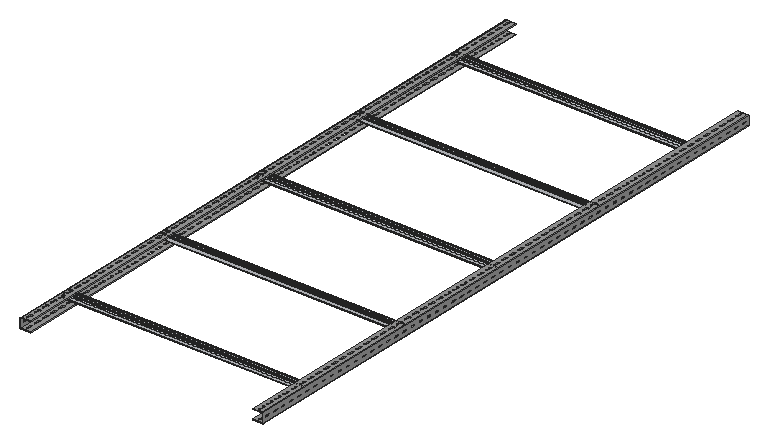
Revit family "steigeleiter_1200_FT", category Generic Models, Revit 2017 (continued)
Forms (mm)
  Extrusion 150, void
    sketch origin (0, 1400, 0) x (1, 0, 0) y (0, 1, 0)
      loop
        arc (-580.5, 15.5) -> (-575, 10) -> (-569.5, 15.5) r 5.5
        line (-569.5, 15.5) -> (-569.5, 34.5)
        arc (-569.5, 34.5) -> (-575, 40) -> (-580.5, 34.5) r 5.5
        line (-580.5, 34.5) -> (-580.5, 15.5)
    from 0 to 2.5
  Extrusion 151, void
    sketch origin (0, 1450, 0) x (1, 0, 0) y (0, 1, 0)
      loop
        arc (-580.5, 15.5) -> (-575, 10) -> (-569.5, 15.5) r 5.5
        line (-569.5, 15.5) -> (-569.5, 34.5)
        arc (-569.5, 34.5) -> (-575, 40) -> (-580.5, 34.5) r 5.5
        line (-580.5, 34.5) -> (-580.5, 15.5)
    from 0 to 2.5
  Extrusion 152, void
    sketch origin (0, 1500, 0) x (1, 0, 0) y (0, 1, 0)
      loop
        arc (-580.5, 15.5) -> (-575, 10) -> (-569.5, 15.5) r 5.5
        line (-569.5, 15.5) -> (-569.5, 34.5)
        arc (-569.5, 34.5) -> (-575, 40) -> (-580.5, 34.5) r 5.5
        line (-580.5, 34.5) -> (-580.5, 15.5)
    from 0 to 2.5
  Extrusion 153, void
    sketch origin (0, 1550, 0) x (1, 0, 0) y (0, 1, 0)
      loop
        arc (-580.5, 15.5) -> (-575, 10) -> (-569.5, 15.5) r 5.5
        line (-569.5, 15.5) -> (-569.5, 34.5)
        arc (-569.5, 34.5) -> (-575, 40) -> (-580.5, 34.5) r 5.5
        line (-580.5, 34.5) -> (-580.5, 15.5)
    from 0 to 2.5
  Extrusion 154, void
    sketch origin (0, 1600, 0) x (1, 0, 0) y (0, 1, 0)
      loop
        arc (-580.5, 15.5) -> (-575, 10) -> (-569.5, 15.5) r 5.5
        line (-569.5, 15.5) -> (-569.5, 34.5)
        arc (-569.5, 34.5) -> (-575, 40) -> (-580.5, 34.5) r 5.5
        line (-580.5, 34.5) -> (-580.5, 15.5)
    from 0 to 2.5
  Extrusion 155, void
    sketch origin (0, 1650, 0) x (1, 0, 0) y (0, 1, 0)
      loop
        arc (-580.5, 15.5) -> (-575, 10) -> (-569.5, 15.5) r 5.5
        line (-569.5, 15.5) -> (-569.5, 34.5)
        arc (-569.5, 34.5) -> (-575, 40) -> (-580.5, 34.5) r 5.5
        line (-580.5, 34.5) -> (-580.5, 15.5)
    from 0 to 2.5
  Extrusion 156, void
    sketch origin (0, 1700, 0) x (1, 0, 0) y (0, 1, 0)
      loop
        arc (-580.5, 15.5) -> (-575, 10) -> (-569.5, 15.5) r 5.5
        line (-569.5, 15.5) -> (-569.5, 34.5)
        arc (-569.5, 34.5) -> (-575, 40) -> (-580.5, 34.5) r 5.5
        line (-580.5, 34.5) -> (-580.5, 15.5)
    from 0 to 2.5
  Extrusion 157, void
    sketch origin (0, 1750, 0) x (1, 0, 0) y (0, 1, 0)
      loop
        arc (-580.5, 15.5) -> (-575, 10) -> (-569.5, 15.5) r 5.5
        line (-569.5, 15.5) -> (-569.5, 34.5)
        arc (-569.5, 34.5) -> (-575, 40) -> (-580.5, 34.5) r 5.5
        line (-580.5, 34.5) -> (-580.5, 15.5)
    from 0 to 2.5
  Extrusion 158, void
    sketch origin (0, 1800, 0) x (1, 0, 0) y (0, 1, 0)
      loop
        arc (-580.5, 15.5) -> (-575, 10) -> (-569.5, 15.5) r 5.5
        line (-569.5, 15.5) -> (-569.5, 34.5)
        arc (-569.5, 34.5) -> (-575, 40) -> (-580.5, 34.5) r 5.5
        line (-580.5, 34.5) -> (-580.5, 15.5)
    from 0 to 2.5
  Extrusion 159, void
    sketch origin (0, 1850, 0) x (1, 0, 0) y (0, 1, 0)
      loop
        arc (-580.5, 15.5) -> (-575, 10) -> (-569.5, 15.5) r 5.5
        line (-569.5, 15.5) -> (-569.5, 34.5)
        arc (-569.5, 34.5) -> (-575, 40) -> (-580.5, 34.5) r 5.5
        line (-580.5, 34.5) -> (-580.5, 15.5)
    from 0 to 2.5
  Extrusion 160, void
    sketch origin (0, 1900, 0) x (1, 0, 0) y (0, 1, 0)
      loop
        arc (-580.5, 15.5) -> (-575, 10) -> (-569.5, 15.5) r 5.5
        line (-569.5, 15.5) -> (-569.5, 34.5)
        arc (-569.5, 34.5) -> (-575, 40) -> (-580.5, 34.5) r 5.5
        line (-580.5, 34.5) -> (-580.5, 15.5)
    from 0 to 2.5
  Extrusion 161, void
    sketch origin (0, 1950, 0) x (1, 0, 0) y (0, 1, 0)
      loop
        arc (-580.5, 15.5) -> (-575, 10) -> (-569.5, 15.5) r 5.5
        line (-569.5, 15.5) -> (-569.5, 34.5)
        arc (-569.5, 34.5) -> (-575, 40) -> (-580.5, 34.5) r 5.5
        line (-580.5, 34.5) -> (-580.5, 15.5)
    from 0 to 2.5
  Extrusion 162, void
    sketch origin (0, 2000, 0) x (1, 0, 0) y (0, 1, 0)
      loop
        arc (-580.5, 15.5) -> (-575, 10) -> (-569.5, 15.5) r 5.5
        line (-569.5, 15.5) -> (-569.5, 34.5)
        arc (-569.5, 34.5) -> (-575, 40) -> (-580.5, 34.5) r 5.5
        line (-580.5, 34.5) -> (-580.5, 15.5)
    from 0 to 2.5
  Extrusion 163, void
    sketch origin (0, 2050, 0) x (1, 0, 0) y (0, 1, 0)
      loop
        arc (-580.5, 15.5) -> (-575, 10) -> (-569.5, 15.5) r 5.5
        line (-569.5, 15.5) -> (-569.5, 34.5)
        arc (-569.5, 34.5) -> (-575, 40) -> (-580.5, 34.5) r 5.5
        line (-580.5, 34.5) -> (-580.5, 15.5)
    from 0 to 2.5
  Extrusion 164, void
    sketch origin (0, 2100, 0) x (1, 0, 0) y (0, 1, 0)
      loop
        arc (-580.5, 15.5) -> (-575, 10) -> (-569.5, 15.5) r 5.5
        line (-569.5, 15.5) -> (-569.5, 34.5)
        arc (-569.5, 34.5) -> (-575, 40) -> (-580.5, 34.5) r 5.5
        line (-580.5, 34.5) -> (-580.5, 15.5)
    from 0 to 2.5
  Extrusion 165, void
    sketch origin (0, 2150, 0) x (1, 0, 0) y (0, 1, 0)
      loop
        arc (-580.5, 15.5) -> (-575, 10) -> (-569.5, 15.5) r 5.5
        line (-569.5, 15.5) -> (-569.5, 34.5)
        arc (-569.5, 34.5) -> (-575, 40) -> (-580.5, 34.5) r 5.5
        line (-580.5, 34.5) -> (-580.5, 15.5)
    from 0 to 2.5
  Extrusion 166, void
    sketch origin (0, 2200, 0) x (1, 0, 0) y (0, 1, 0)
      loop
        arc (-580.5, 15.5) -> (-575, 10) -> (-569.5, 15.5) r 5.5
        line (-569.5, 15.5) -> (-569.5, 34.5)
        arc (-569.5, 34.5) -> (-575, 40) -> (-580.5, 34.5) r 5.5
        line (-580.5, 34.5) -> (-580.5, 15.5)
    from 0 to 2.5
  Extrusion 167, void
    sketch origin (0, 2250, 0) x (1, 0, 0) y (0, 1, 0)
      loop
        arc (-580.5, 15.5) -> (-575, 10) -> (-569.5, 15.5) r 5.5
        line (-569.5, 15.5) -> (-569.5, 34.5)
        arc (-569.5, 34.5) -> (-575, 40) -> (-580.5, 34.5) r 5.5
        line (-580.5, 34.5) -> (-580.5, 15.5)
    from 0 to 2.5
  Extrusion 168, void
    sketch origin (0, 2300, 0) x (1, 0, 0) y (0, 1, 0)
      loop
        arc (-580.5, 15.5) -> (-575, 10) -> (-569.5, 15.5) r 5.5
        line (-569.5, 15.5) -> (-569.5, 34.5)
        arc (-569.5, 34.5) -> (-575, 40) -> (-580.5, 34.5) r 5.5
        line (-580.5, 34.5) -> (-580.5, 15.5)
    from 0 to 2.5
  Extrusion 169, void
    sketch origin (0, 2350, 0) x (1, 0, 0) y (0, 1, 0)
      loop
        arc (-580.5, 15.5) -> (-575, 10) -> (-569.5, 15.5) r 5.5
        line (-569.5, 15.5) -> (-569.5, 34.5)
        arc (-569.5, 34.5) -> (-575, 40) -> (-580.5, 34.5) r 5.5
        line (-580.5, 34.5) -> (-580.5, 15.5)
    from 0 to 2.5
  Extrusion 170, void
    sketch origin (0, 2400, 0) x (1, 0, 0) y (0, 1, 0)
      loop
        arc (-580.5, 15.5) -> (-575, 10) -> (-569.5, 15.5) r 5.5
        line (-569.5, 15.5) -> (-569.5, 34.5)
        arc (-569.5, 34.5) -> (-575, 40) -> (-580.5, 34.5) r 5.5
        line (-580.5, 34.5) -> (-580.5, 15.5)
    from 0 to 2.5
  Extrusion 171, void
    sketch origin (0, 2450, 0) x (1, 0, 0) y (0, 1, 0)
      loop
        arc (-580.5, 15.5) -> (-575, 10) -> (-569.5, 15.5) r 5.5
        line (-569.5, 15.5) -> (-569.5, 34.5)
        arc (-569.5, 34.5) -> (-575, 40) -> (-580.5, 34.5) r 5.5
        line (-580.5, 34.5) -> (-580.5, 15.5)
    from 0 to 2.5
  Extrusion 172, void
    sketch origin (0, 2500, 0) x (1, 0, 0) y (0, 1, 0)
      loop
        arc (-580.5, 15.5) -> (-575, 10) -> (-569.5, 15.5) r 5.5
        line (-569.5, 15.5) -> (-569.5, 34.5)
        arc (-569.5, 34.5) -> (-575, 40) -> (-580.5, 34.5) r 5.5
        line (-580.5, 34.5) -> (-580.5, 15.5)
    from 0 to 2.5
  Extrusion 173, void
    sketch origin (0, 2550, 0) x (1, 0, 0) y (0, 1, 0)
      loop
        arc (-580.5, 15.5) -> (-575, 10) -> (-569.5, 15.5) r 5.5
        line (-569.5, 15.5) -> (-569.5, 34.5)
        arc (-569.5, 34.5) -> (-575, 40) -> (-580.5, 34.5) r 5.5
        line (-580.5, 34.5) -> (-580.5, 15.5)
    from 0 to 2.5
  Extrusion 174, void
    sketch origin (0, 2600, 0) x (1, 0, 0) y (0, 1, 0)
      loop
        arc (-580.5, 15.5) -> (-575, 10) -> (-569.5, 15.5) r 5.5
        line (-569.5, 15.5) -> (-569.5, 34.5)
        arc (-569.5, 34.5) -> (-575, 40) -> (-580.5, 34.5) r 5.5
        line (-580.5, 34.5) -> (-580.5, 15.5)
    from 0 to 2.5
  Extrusion 175, void
    sketch origin (0, 2650, 0) x (1, 0, 0) y (0, 1, 0)
      loop
        arc (-580.5, 15.5) -> (-575, 10) -> (-569.5, 15.5) r 5.5
        line (-569.5, 15.5) -> (-569.5, 34.5)
        arc (-569.5, 34.5) -> (-575, 40) -> (-580.5, 34.5) r 5.5
        line (-580.5, 34.5) -> (-580.5, 15.5)
    from 0 to 2.5
  Extrusion 176, void
    sketch origin (0, 2700, 0) x (1, 0, 0) y (0, 1, 0)
      loop
        arc (-580.5, 15.5) -> (-575, 10) -> (-569.5, 15.5) r 5.5
        line (-569.5, 15.5) -> (-569.5, 34.5)
        arc (-569.5, 34.5) -> (-575, 40) -> (-580.5, 34.5) r 5.5
        line (-580.5, 34.5) -> (-580.5, 15.5)
    from 0 to 2.5
  Extrusion 177, void
    sketch origin (0, 2750, 0) x (1, 0, 0) y (0, 1, 0)
      loop
        arc (-580.5, 15.5) -> (-575, 10) -> (-569.5, 15.5) r 5.5
        line (-569.5, 15.5) -> (-569.5, 34.5)
        arc (-569.5, 34.5) -> (-575, 40) -> (-580.5, 34.5) r 5.5
        line (-580.5, 34.5) -> (-580.5, 15.5)
    from 0 to 2.5
  Extrusion 178, void
    sketch origin (0, 2800, 0) x (1, 0, 0) y (0, 1, 0)
      loop
        arc (-580.5, 15.5) -> (-575, 10) -> (-569.5, 15.5) r 5.5
        line (-569.5, 15.5) -> (-569.5, 34.5)
        arc (-569.5, 34.5) -> (-575, 40) -> (-580.5, 34.5) r 5.5
        line (-580.5, 34.5) -> (-580.5, 15.5)
    from 0 to 2.5
  Extrusion 179, void
    sketch origin (0, 2850, 0) x (1, 0, 0) y (0, 1, 0)
      loop
        arc (-580.5, 15.5) -> (-575, 10) -> (-569.5, 15.5) r 5.5
        line (-569.5, 15.5) -> (-569.5, 34.5)
        arc (-569.5, 34.5) -> (-575, 40) -> (-580.5, 34.5) r 5.5
        line (-580.5, 34.5) -> (-580.5, 15.5)
    from 0 to 2.5
  Extrusion 180, void
    sketch origin (0, 2900, 0) x (1, 0, 0) y (0, 1, 0)
      loop
        arc (-580.5, 15.5) -> (-575, 10) -> (-569.5, 15.5) r 5.5
        line (-569.5, 15.5) -> (-569.5, 34.5)
        arc (-569.5, 34.5) -> (-575, 40) -> (-580.5, 34.5) r 5.5
        line (-580.5, 34.5) -> (-580.5, 15.5)
    from 0 to 2.5
  Extrusion 181, void
    sketch origin (0, 2950, 0) x (1, 0, 0) y (0, 1, 0)
      loop
        arc (-580.5, 15.5) -> (-575, 10) -> (-569.5, 15.5) r 5.5
        line (-569.5, 15.5) -> (-569.5, 34.5)
        arc (-569.5, 34.5) -> (-575, 40) -> (-580.5, 34.5) r 5.5
        line (-580.5, 34.5) -> (-580.5, 15.5)
    from 0 to 2.5
  Extrusion 182, void
    sketch origin (0, 0, 0) x (1, 0, 0) y (0, 1, 0)
      loop
        arc (569.5, 15.5) -> (575, 10) -> (580.5, 15.5) r 5.5
        line (580.5, 15.5) -> (580.5, 34.5)
        arc (580.5, 34.5) -> (575, 40) -> (569.5, 34.5) r 5.5
        line (569.5, 34.5) -> (569.5, 15.5)
    from 0 to 2.5
  Extrusion 183, void
    sketch origin (0, 50, 0) x (1, 0, 0) y (0, 1, 0)
      loop
        arc (569.5, 15.5) -> (575, 10) -> (580.5, 15.5) r 5.5
        line (580.5, 15.5) -> (580.5, 34.5)
        arc (580.5, 34.5) -> (575, 40) -> (569.5, 34.5) r 5.5
        line (569.5, 34.5) -> (569.5, 15.5)
    from 0 to 2.5
  Extrusion 184, void
    sketch origin (0, 100, 0) x (1, 0, 0) y (0, 1, 0)
      loop
        arc (569.5, 15.5) -> (575, 10) -> (580.5, 15.5) r 5.5
        line (580.5, 15.5) -> (580.5, 34.5)
        arc (580.5, 34.5) -> (575, 40) -> (569.5, 34.5) r 5.5
        line (569.5, 34.5) -> (569.5, 15.5)
    from 0 to 2.5
  Extrusion 185, void
    sketch origin (0, 150, 0) x (1, 0, 0) y (0, 1, 0)
      loop
        arc (569.5, 15.5) -> (575, 10) -> (580.5, 15.5) r 5.5
        line (580.5, 15.5) -> (580.5, 34.5)
        arc (580.5, 34.5) -> (575, 40) -> (569.5, 34.5) r 5.5
        line (569.5, 34.5) -> (569.5, 15.5)
    from 0 to 2.5
  Extrusion 186, void
    sketch origin (0, 200, 0) x (1, 0, 0) y (0, 1, 0)
      loop
        arc (569.5, 15.5) -> (575, 10) -> (580.5, 15.5) r 5.5
        line (580.5, 15.5) -> (580.5, 34.5)
        arc (580.5, 34.5) -> (575, 40) -> (569.5, 34.5) r 5.5
        line (569.5, 34.5) -> (569.5, 15.5)
    from 0 to 2.5
  Extrusion 187, void
    sketch origin (0, 250, 0) x (1, 0, 0) y (0, 1, 0)
      loop
        arc (569.5, 15.5) -> (575, 10) -> (580.5, 15.5) r 5.5
        line (580.5, 15.5) -> (580.5, 34.5)
        arc (580.5, 34.5) -> (575, 40) -> (569.5, 34.5) r 5.5
        line (569.5, 34.5) -> (569.5, 15.5)
    from 0 to 2.5
  Extrusion 188, void
    sketch origin (0, 300, 0) x (1, 0, 0) y (0, 1, 0)
      loop
        arc (569.5, 15.5) -> (575, 10) -> (580.5, 15.5) r 5.5
        line (580.5, 15.5) -> (580.5, 34.5)
        arc (580.5, 34.5) -> (575, 40) -> (569.5, 34.5) r 5.5
        line (569.5, 34.5) -> (569.5, 15.5)
    from 0 to 2.5
  Extrusion 189, void
    sketch origin (0, 350, 0) x (1, 0, 0) y (0, 1, 0)
      loop
        arc (569.5, 15.5) -> (575, 10) -> (580.5, 15.5) r 5.5
        line (580.5, 15.5) -> (580.5, 34.5)
        arc (580.5, 34.5) -> (575, 40) -> (569.5, 34.5) r 5.5
        line (569.5, 34.5) -> (569.5, 15.5)
    from 0 to 2.5
  Extrusion 190, void
    sketch origin (0, 400, 0) x (1, 0, 0) y (0, 1, 0)
      loop
        arc (569.5, 15.5) -> (575, 10) -> (580.5, 15.5) r 5.5
        line (580.5, 15.5) -> (580.5, 34.5)
        arc (580.5, 34.5) -> (575, 40) -> (569.5, 34.5) r 5.5
        line (569.5, 34.5) -> (569.5, 15.5)
    from 0 to 2.5
  Extrusion 191, void
    sketch origin (0, 450, 0) x (1, 0, 0) y (0, 1, 0)
      loop
        arc (569.5, 15.5) -> (575, 10) -> (580.5, 15.5) r 5.5
        line (580.5, 15.5) -> (580.5, 34.5)
        arc (580.5, 34.5) -> (575, 40) -> (569.5, 34.5) r 5.5
        line (569.5, 34.5) -> (569.5, 15.5)
    from 0 to 2.5
  Extrusion 192, void
    sketch origin (0, 500, 0) x (1, 0, 0) y (0, 1, 0)
      loop
        arc (569.5, 15.5) -> (575, 10) -> (580.5, 15.5) r 5.5
        line (580.5, 15.5) -> (580.5, 34.5)
        arc (580.5, 34.5) -> (575, 40) -> (569.5, 34.5) r 5.5
        line (569.5, 34.5) -> (569.5, 15.5)
    from 0 to 2.5
  Extrusion 193, void
    sketch origin (0, 550, 0) x (1, 0, 0) y (0, 1, 0)
      loop
        arc (569.5, 15.5) -> (575, 10) -> (580.5, 15.5) r 5.5
        line (580.5, 15.5) -> (580.5, 34.5)
        arc (580.5, 34.5) -> (575, 40) -> (569.5, 34.5) r 5.5
        line (569.5, 34.5) -> (569.5, 15.5)
    from 0 to 2.5
  Extrusion 194, void
    sketch origin (0, 600, 0) x (1, 0, 0) y (0, 1, 0)
      loop
        arc (569.5, 15.5) -> (575, 10) -> (580.5, 15.5) r 5.5
        line (580.5, 15.5) -> (580.5, 34.5)
        arc (580.5, 34.5) -> (575, 40) -> (569.5, 34.5) r 5.5
        line (569.5, 34.5) -> (569.5, 15.5)
    from 0 to 2.5
  Extrusion 195, void
    sketch origin (0, 650, 0) x (1, 0, 0) y (0, 1, 0)
      loop
        arc (569.5, 15.5) -> (575, 10) -> (580.5, 15.5) r 5.5
        line (580.5, 15.5) -> (580.5, 34.5)
        arc (580.5, 34.5) -> (575, 40) -> (569.5, 34.5) r 5.5
        line (569.5, 34.5) -> (569.5, 15.5)
    from 0 to 2.5
  Extrusion 196, void
    sketch origin (0, 700, 0) x (1, 0, 0) y (0, 1, 0)
      loop
        arc (569.5, 15.5) -> (575, 10) -> (580.5, 15.5) r 5.5
        line (580.5, 15.5) -> (580.5, 34.5)
        arc (580.5, 34.5) -> (575, 40) -> (569.5, 34.5) r 5.5
        line (569.5, 34.5) -> (569.5, 15.5)
    from 0 to 2.5
  Extrusion 197, void
    sketch origin (0, 750, 0) x (1, 0, 0) y (0, 1, 0)
      loop
        arc (569.5, 15.5) -> (575, 10) -> (580.5, 15.5) r 5.5
        line (580.5, 15.5) -> (580.5, 34.5)
        arc (580.5, 34.5) -> (575, 40) -> (569.5, 34.5) r 5.5
        line (569.5, 34.5) -> (569.5, 15.5)
    from 0 to 2.5
  Extrusion 198, void
    sketch origin (0, 800, 0) x (1, 0, 0) y (0, 1, 0)
      loop
        arc (569.5, 15.5) -> (575, 10) -> (580.5, 15.5) r 5.5
        line (580.5, 15.5) -> (580.5, 34.5)
        arc (580.5, 34.5) -> (575, 40) -> (569.5, 34.5) r 5.5
        line (569.5, 34.5) -> (569.5, 15.5)
    from 0 to 2.5
  Extrusion 199, void
    sketch origin (0, 850, 0) x (1, 0, 0) y (0, 1, 0)
      loop
        arc (569.5, 15.5) -> (575, 10) -> (580.5, 15.5) r 5.5
        line (580.5, 15.5) -> (580.5, 34.5)
        arc (580.5, 34.5) -> (575, 40) -> (569.5, 34.5) r 5.5
        line (569.5, 34.5) -> (569.5, 15.5)
    from 0 to 2.5
  Extrusion 200, void
    sketch origin (0, 900, 0) x (1, 0, 0) y (0, 1, 0)
      loop
        arc (569.5, 15.5) -> (575, 10) -> (580.5, 15.5) r 5.5
        line (580.5, 15.5) -> (580.5, 34.5)
        arc (580.5, 34.5) -> (575, 40) -> (569.5, 34.5) r 5.5
        line (569.5, 34.5) -> (569.5, 15.5)
    from 0 to 2.5
  Extrusion 201, void
    sketch origin (0, 950, 0) x (1, 0, 0) y (0, 1, 0)
      loop
        arc (569.5, 15.5) -> (575, 10) -> (580.5, 15.5) r 5.5
        line (580.5, 15.5) -> (580.5, 34.5)
        arc (580.5, 34.5) -> (575, 40) -> (569.5, 34.5) r 5.5
        line (569.5, 34.5) -> (569.5, 15.5)
    from 0 to 2.5
  Extrusion 202, void
    sketch origin (0, 1000, 0) x (1, 0, 0) y (0, 1, 0)
      loop
        arc (569.5, 15.5) -> (575, 10) -> (580.5, 15.5) r 5.5
        line (580.5, 15.5) -> (580.5, 34.5)
        arc (580.5, 34.5) -> (575, 40) -> (569.5, 34.5) r 5.5
        line (569.5, 34.5) -> (569.5, 15.5)
    from 0 to 2.5
  Extrusion 203, void
    sketch origin (0, 1050, 0) x (1, 0, 0) y (0, 1, 0)
      loop
        arc (569.5, 15.5) -> (575, 10) -> (580.5, 15.5) r 5.5
        line (580.5, 15.5) -> (580.5, 34.5)
        arc (580.5, 34.5) -> (575, 40) -> (569.5, 34.5) r 5.5
        line (569.5, 34.5) -> (569.5, 15.5)
    from 0 to 2.5
  Extrusion 204, void
    sketch origin (0, 1100, 0) x (1, 0, 0) y (0, 1, 0)
      loop
        arc (569.5, 15.5) -> (575, 10) -> (580.5, 15.5) r 5.5
        line (580.5, 15.5) -> (580.5, 34.5)
        arc (580.5, 34.5) -> (575, 40) -> (569.5, 34.5) r 5.5
        line (569.5, 34.5) -> (569.5, 15.5)
    from 0 to 2.5
  Extrusion 205, void
    sketch origin (0, 1150, 0) x (1, 0, 0) y (0, 1, 0)
      loop
        arc (569.5, 15.5) -> (575, 10) -> (580.5, 15.5) r 5.5
        line (580.5, 15.5) -> (580.5, 34.5)
        arc (580.5, 34.5) -> (575, 40) -> (569.5, 34.5) r 5.5
        line (569.5, 34.5) -> (569.5, 15.5)
    from 0 to 2.5
  Extrusion 206, void
    sketch origin (0, 1200, 0) x (1, 0, 0) y (0, 1, 0)
      loop
        arc (569.5, 15.5) -> (575, 10) -> (580.5, 15.5) r 5.5
        line (580.5, 15.5) -> (580.5, 34.5)
        arc (580.5, 34.5) -> (575, 40) -> (569.5, 34.5) r 5.5
        line (569.5, 34.5) -> (569.5, 15.5)
    from 0 to 2.5
  Extrusion 207, void
    sketch origin (0, 1250, 0) x (1, 0, 0) y (0, 1, 0)
      loop
        arc (569.5, 15.5) -> (575, 10) -> (580.5, 15.5) r 5.5
        line (580.5, 15.5) -> (580.5, 34.5)
        arc (580.5, 34.5) -> (575, 40) -> (569.5, 34.5) r 5.5
        line (569.5, 34.5) -> (569.5, 15.5)
    from 0 to 2.5
  Extrusion 208, void
    sketch origin (0, 1300, 0) x (1, 0, 0) y (0, 1, 0)
      loop
        arc (569.5, 15.5) -> (575, 10) -> (580.5, 15.5) r 5.5
        line (580.5, 15.5) -> (580.5, 34.5)
        arc (580.5, 34.5) -> (575, 40) -> (569.5, 34.5) r 5.5
        line (569.5, 34.5) -> (569.5, 15.5)
    from 0 to 2.5
  Extrusion 209, void
    sketch origin (0, 1350, 0) x (1, 0, 0) y (0, 1, 0)
      loop
        arc (569.5, 15.5) -> (575, 10) -> (580.5, 15.5) r 5.5
        line (580.5, 15.5) -> (580.5, 34.5)
        arc (580.5, 34.5) -> (575, 40) -> (569.5, 34.5) r 5.5
        line (569.5, 34.5) -> (569.5, 15.5)
    from 0 to 2.5
  Extrusion 210, void
    sketch origin (0, 1400, 0) x (1, 0, 0) y (0, 1, 0)
      loop
        arc (569.5, 15.5) -> (575, 10) -> (580.5, 15.5) r 5.5
        line (580.5, 15.5) -> (580.5, 34.5)
        arc (580.5, 34.5) -> (575, 40) -> (569.5, 34.5) r 5.5
        line (569.5, 34.5) -> (569.5, 15.5)
    from 0 to 2.5
  Extrusion 211, void
    sketch origin (0, 1450, 0) x (1, 0, 0) y (0, 1, 0)
      loop
        arc (569.5, 15.5) -> (575, 10) -> (580.5, 15.5) r 5.5
        line (580.5, 15.5) -> (580.5, 34.5)
        arc (580.5, 34.5) -> (575, 40) -> (569.5, 34.5) r 5.5
        line (569.5, 34.5) -> (569.5, 15.5)
    from 0 to 2.5
  Extrusion 212, void
    sketch origin (0, 1500, 0) x (1, 0, 0) y (0, 1, 0)
      loop
        arc (569.5, 15.5) -> (575, 10) -> (580.5, 15.5) r 5.5
        line (580.5, 15.5) -> (580.5, 34.5)
        arc (580.5, 34.5) -> (575, 40) -> (569.5, 34.5) r 5.5
        line (569.5, 34.5) -> (569.5, 15.5)
    from 0 to 2.5
  Extrusion 213, void
    sketch origin (0, 1550, 0) x (1, 0, 0) y (0, 1, 0)
      loop
        arc (569.5, 15.5) -> (575, 10) -> (580.5, 15.5) r 5.5
        line (580.5, 15.5) -> (580.5, 34.5)
        arc (580.5, 34.5) -> (575, 40) -> (569.5, 34.5) r 5.5
        line (569.5, 34.5) -> (569.5, 15.5)
    from 0 to 2.5
  Extrusion 214, void
    sketch origin (0, 1600, 0) x (1, 0, 0) y (0, 1, 0)
      loop
        arc (569.5, 15.5) -> (575, 10) -> (580.5, 15.5) r 5.5
        line (580.5, 15.5) -> (580.5, 34.5)
        arc (580.5, 34.5) -> (575, 40) -> (569.5, 34.5) r 5.5
        line (569.5, 34.5) -> (569.5, 15.5)
    from 0 to 2.5
  Extrusion 215, void
    sketch origin (0, 1650, 0) x (1, 0, 0) y (0, 1, 0)
      loop
        arc (569.5, 15.5) -> (575, 10) -> (580.5, 15.5) r 5.5
        line (580.5, 15.5) -> (580.5, 34.5)
        arc (580.5, 34.5) -> (575, 40) -> (569.5, 34.5) r 5.5
        line (569.5, 34.5) -> (569.5, 15.5)
    from 0 to 2.5
  Extrusion 216, void
    sketch origin (0, 1700, 0) x (1, 0, 0) y (0, 1, 0)
      loop
        arc (569.5, 15.5) -> (575, 10) -> (580.5, 15.5) r 5.5
        line (580.5, 15.5) -> (580.5, 34.5)
        arc (580.5, 34.5) -> (575, 40) -> (569.5, 34.5) r 5.5
        line (569.5, 34.5) -> (569.5, 15.5)
    from 0 to 2.5
  Extrusion 217, void
    sketch origin (0, 1750, 0) x (1, 0, 0) y (0, 1, 0)
      loop
        arc (569.5, 15.5) -> (575, 10) -> (580.5, 15.5) r 5.5
        line (580.5, 15.5) -> (580.5, 34.5)
        arc (580.5, 34.5) -> (575, 40) -> (569.5, 34.5) r 5.5
        line (569.5, 34.5) -> (569.5, 15.5)
    from 0 to 2.5
  Extrusion 218, void
    sketch origin (0, 1800, 0) x (1, 0, 0) y (0, 1, 0)
      loop
        arc (569.5, 15.5) -> (575, 10) -> (580.5, 15.5) r 5.5
        line (580.5, 15.5) -> (580.5, 34.5)
        arc (580.5, 34.5) -> (575, 40) -> (569.5, 34.5) r 5.5
        line (569.5, 34.5) -> (569.5, 15.5)
    from 0 to 2.5
  Extrusion 219, void
    sketch origin (0, 1850, 0) x (1, 0, 0) y (0, 1, 0)
      loop
        arc (569.5, 15.5) -> (575, 10) -> (580.5, 15.5) r 5.5
        line (580.5, 15.5) -> (580.5, 34.5)
        arc (580.5, 34.5) -> (575, 40) -> (569.5, 34.5) r 5.5
        line (569.5, 34.5) -> (569.5, 15.5)
    from 0 to 2.5
  Extrusion 220, void
    sketch origin (0, 1900, 0) x (1, 0, 0) y (0, 1, 0)
      loop
        arc (569.5, 15.5) -> (575, 10) -> (580.5, 15.5) r 5.5
        line (580.5, 15.5) -> (580.5, 34.5)
        arc (580.5, 34.5) -> (575, 40) -> (569.5, 34.5) r 5.5
        line (569.5, 34.5) -> (569.5, 15.5)
    from 0 to 2.5
  Extrusion 221, void
    sketch origin (0, 1950, 0) x (1, 0, 0) y (0, 1, 0)
      loop
        arc (569.5, 15.5) -> (575, 10) -> (580.5, 15.5) r 5.5
        line (580.5, 15.5) -> (580.5, 34.5)
        arc (580.5, 34.5) -> (575, 40) -> (569.5, 34.5) r 5.5
        line (569.5, 34.5) -> (569.5, 15.5)
    from 0 to 2.5
  Extrusion 222, void
    sketch origin (0, 2000, 0) x (1, 0, 0) y (0, 1, 0)
      loop
        arc (569.5, 15.5) -> (575, 10) -> (580.5, 15.5) r 5.5
        line (580.5, 15.5) -> (580.5, 34.5)
        arc (580.5, 34.5) -> (575, 40) -> (569.5, 34.5) r 5.5
        line (569.5, 34.5) -> (569.5, 15.5)
    from 0 to 2.5
  Extrusion 223, void
    sketch origin (0, 2050, 0) x (1, 0, 0) y (0, 1, 0)
      loop
        arc (569.5, 15.5) -> (575, 10) -> (580.5, 15.5) r 5.5
        line (580.5, 15.5) -> (580.5, 34.5)
        arc (580.5, 34.5) -> (575, 40) -> (569.5, 34.5) r 5.5
        line (569.5, 34.5) -> (569.5, 15.5)
    from 0 to 2.5
  Extrusion 224, void
    sketch origin (0, 2100, 0) x (1, 0, 0) y (0, 1, 0)
      loop
        arc (569.5, 15.5) -> (575, 10) -> (580.5, 15.5) r 5.5
        line (580.5, 15.5) -> (580.5, 34.5)
        arc (580.5, 34.5) -> (575, 40) -> (569.5, 34.5) r 5.5
        line (569.5, 34.5) -> (569.5, 15.5)
    from 0 to 2.5
  Extrusion 225, void
    sketch origin (0, 2150, 0) x (1, 0, 0) y (0, 1, 0)
      loop
        arc (569.5, 15.5) -> (575, 10) -> (580.5, 15.5) r 5.5
        line (580.5, 15.5) -> (580.5, 34.5)
        arc (580.5, 34.5) -> (575, 40) -> (569.5, 34.5) r 5.5
        line (569.5, 34.5) -> (569.5, 15.5)
    from 0 to 2.5
  Extrusion 226, void
    sketch origin (0, 2200, 0) x (1, 0, 0) y (0, 1, 0)
      loop
        arc (569.5, 15.5) -> (575, 10) -> (580.5, 15.5) r 5.5
        line (580.5, 15.5) -> (580.5, 34.5)
        arc (580.5, 34.5) -> (575, 40) -> (569.5, 34.5) r 5.5
        line (569.5, 34.5) -> (569.5, 15.5)
    from 0 to 2.5
  Extrusion 227, void
    sketch origin (0, 2250, 0) x (1, 0, 0) y (0, 1, 0)
      loop
        arc (569.5, 15.5) -> (575, 10) -> (580.5, 15.5) r 5.5
        line (580.5, 15.5) -> (580.5, 34.5)
        arc (580.5, 34.5) -> (575, 40) -> (569.5, 34.5) r 5.5
        line (569.5, 34.5) -> (569.5, 15.5)
    from 0 to 2.5
  Extrusion 228, void
    sketch origin (0, 2300, 0) x (1, 0, 0) y (0, 1, 0)
      loop
        arc (569.5, 15.5) -> (575, 10) -> (580.5, 15.5) r 5.5
        line (580.5, 15.5) -> (580.5, 34.5)
        arc (580.5, 34.5) -> (575, 40) -> (569.5, 34.5) r 5.5
        line (569.5, 34.5) -> (569.5, 15.5)
    from 0 to 2.5
  Extrusion 229, void
    sketch origin (0, 2350, 0) x (1, 0, 0) y (0, 1, 0)
      loop
        arc (569.5, 15.5) -> (575, 10) -> (580.5, 15.5) r 5.5
        line (580.5, 15.5) -> (580.5, 34.5)
        arc (580.5, 34.5) -> (575, 40) -> (569.5, 34.5) r 5.5
        line (569.5, 34.5) -> (569.5, 15.5)
    from 0 to 2.5
  Extrusion 230, void
    sketch origin (0, 2400, 0) x (1, 0, 0) y (0, 1, 0)
      loop
        arc (569.5, 15.5) -> (575, 10) -> (580.5, 15.5) r 5.5
        line (580.5, 15.5) -> (580.5, 34.5)
        arc (580.5, 34.5) -> (575, 40) -> (569.5, 34.5) r 5.5
        line (569.5, 34.5) -> (569.5, 15.5)
    from 0 to 2.5
  Extrusion 231, void
    sketch origin (0, 2450, 0) x (1, 0, 0) y (0, 1, 0)
      loop
        arc (569.5, 15.5) -> (575, 10) -> (580.5, 15.5) r 5.5
        line (580.5, 15.5) -> (580.5, 34.5)
        arc (580.5, 34.5) -> (575, 40) -> (569.5, 34.5) r 5.5
        line (569.5, 34.5) -> (569.5, 15.5)
    from 0 to 2.5
  Extrusion 232, void
    sketch origin (0, 2500, 0) x (1, 0, 0) y (0, 1, 0)
      loop
        arc (569.5, 15.5) -> (575, 10) -> (580.5, 15.5) r 5.5
        line (580.5, 15.5) -> (580.5, 34.5)
        arc (580.5, 34.5) -> (575, 40) -> (569.5, 34.5) r 5.5
        line (569.5, 34.5) -> (569.5, 15.5)
    from 0 to 2.5
  Extrusion 233, void
    sketch origin (0, 2550, 0) x (1, 0, 0) y (0, 1, 0)
      loop
        arc (569.5, 15.5) -> (575, 10) -> (580.5, 15.5) r 5.5
        line (580.5, 15.5) -> (580.5, 34.5)
        arc (580.5, 34.5) -> (575, 40) -> (569.5, 34.5) r 5.5
        line (569.5, 34.5) -> (569.5, 15.5)
    from 0 to 2.5
  Extrusion 234, void
    sketch origin (0, 2600, 0) x (1, 0, 0) y (0, 1, 0)
      loop
        arc (569.5, 15.5) -> (575, 10) -> (580.5, 15.5) r 5.5
        line (580.5, 15.5) -> (580.5, 34.5)
        arc (580.5, 34.5) -> (575, 40) -> (569.5, 34.5) r 5.5
        line (569.5, 34.5) -> (569.5, 15.5)
    from 0 to 2.5
  Extrusion 235, void
    sketch origin (0, 2650, 0) x (1, 0, 0) y (0, 1, 0)
      loop
        arc (569.5, 15.5) -> (575, 10) -> (580.5, 15.5) r 5.5
        line (580.5, 15.5) -> (580.5, 34.5)
        arc (580.5, 34.5) -> (575, 40) -> (569.5, 34.5) r 5.5
        line (569.5, 34.5) -> (569.5, 15.5)
    from 0 to 2.5
  Extrusion 236, void
    sketch origin (0, 2700, 0) x (1, 0, 0) y (0, 1, 0)
      loop
        arc (569.5, 15.5) -> (575, 10) -> (580.5, 15.5) r 5.5
        line (580.5, 15.5) -> (580.5, 34.5)
        arc (580.5, 34.5) -> (575, 40) -> (569.5, 34.5) r 5.5
        line (569.5, 34.5) -> (569.5, 15.5)
    from 0 to 2.5
  Extrusion 237, void
    sketch origin (0, 2750, 0) x (1, 0, 0) y (0, 1, 0)
      loop
        arc (569.5, 15.5) -> (575, 10) -> (580.5, 15.5) r 5.5
        line (580.5, 15.5) -> (580.5, 34.5)
        arc (580.5, 34.5) -> (575, 40) -> (569.5, 34.5) r 5.5
        line (569.5, 34.5) -> (569.5, 15.5)
    from 0 to 2.5
  Extrusion 238, void
    sketch origin (0, 2800, 0) x (1, 0, 0) y (0, 1, 0)
      loop
        arc (569.5, 15.5) -> (575, 10) -> (580.5, 15.5) r 5.5
        line (580.5, 15.5) -> (580.5, 34.5)
        arc (580.5, 34.5) -> (575, 40) -> (569.5, 34.5) r 5.5
        line (569.5, 34.5) -> (569.5, 15.5)
    from 0 to 2.5
  Extrusion 239, void
    sketch origin (0, 2850, 0) x (1, 0, 0) y (0, 1, 0)
      loop
        arc (569.5, 15.5) -> (575, 10) -> (580.5, 15.5) r 5.5
        line (580.5, 15.5) -> (580.5, 34.5)
        arc (580.5, 34.5) -> (575, 40) -> (569.5, 34.5) r 5.5
        line (569.5, 34.5) -> (569.5, 15.5)
    from 0 to 2.5
  Extrusion 240, void
    sketch origin (0, 2900, 0) x (1, 0, 0) y (0, 1, 0)
      loop
        arc (569.5, 15.5) -> (575, 10) -> (580.5, 15.5) r 5.5
        line (580.5, 15.5) -> (580.5, 34.5)
        arc (580.5, 34.5) -> (575, 40) -> (569.5, 34.5) r 5.5
        line (569.5, 34.5) -> (569.5, 15.5)
    from 0 to 2.5
  Extrusion 241, void
    sketch origin (0, 2950, 0) x (1, 0, 0) y (0, 1, 0)
      loop
        arc (569.5, 15.5) -> (575, 10) -> (580.5, 15.5) r 5.5
        line (580.5, 15.5) -> (580.5, 34.5)
        arc (580.5, 34.5) -> (575, 40) -> (569.5, 34.5) r 5.5
        line (569.5, 34.5) -> (569.5, 15.5)
    from 0 to 2.5
  Extrusion 242, void
    sketch origin (0, 50, 0) x (0, 1, 0) y (0, 0, 1)
      loop
        arc (15.5, 30.5) -> (10, 25) -> (15.5, 19.5) r 5.5
        line (15.5, 19.5) -> (34.5, 19.5)
        arc (34.5, 19.5) -> (40, 25) -> (34.5, 30.5) r 5.5
        line (34.5, 30.5) -> (15.5, 30.5)
    from 597.5 to 600
  Extrusion 243, void
    sketch origin (0, 100, 0) x (0, 1, 0) y (0, 0, 1)
      loop
        arc (15.5, 30.5) -> (10, 25) -> (15.5, 19.5) r 5.5
        line (15.5, 19.5) -> (34.5, 19.5)
        arc (34.5, 19.5) -> (40, 25) -> (34.5, 30.5) r 5.5
        line (34.5, 30.5) -> (15.5, 30.5)
    from 597.5 to 600
  Extrusion 244, void
    sketch origin (0, 150, 0) x (0, 1, 0) y (0, 0, 1)
      loop
        arc (15.5, 30.5) -> (10, 25) -> (15.5, 19.5) r 5.5
        line (15.5, 19.5) -> (34.5, 19.5)
        arc (34.5, 19.5) -> (40, 25) -> (34.5, 30.5) r 5.5
        line (34.5, 30.5) -> (15.5, 30.5)
    from 597.5 to 600
  Extrusion 245, void
    sketch origin (0, 200, 0) x (0, 1, 0) y (0, 0, 1)
      loop
        arc (15.5, 30.5) -> (10, 25) -> (15.5, 19.5) r 5.5
        line (15.5, 19.5) -> (34.5, 19.5)
        arc (34.5, 19.5) -> (40, 25) -> (34.5, 30.5) r 5.5
        line (34.5, 30.5) -> (15.5, 30.5)
    from 597.5 to 600
  Extrusion 246, void
    sketch origin (0, 250, 0) x (0, 1, 0) y (0, 0, 1)
      loop
        arc (15.5, 30.5) -> (10, 25) -> (15.5, 19.5) r 5.5
        line (15.5, 19.5) -> (34.5, 19.5)
        arc (34.5, 19.5) -> (40, 25) -> (34.5, 30.5) r 5.5
        line (34.5, 30.5) -> (15.5, 30.5)
    from 597.5 to 600
  Extrusion 247, void
    sketch origin (0, 300, 0) x (0, 1, 0) y (0, 0, 1)
      loop
        arc (15.5, 30.5) -> (10, 25) -> (15.5, 19.5) r 5.5
        line (15.5, 19.5) -> (34.5, 19.5)
        arc (34.5, 19.5) -> (40, 25) -> (34.5, 30.5) r 5.5
        line (34.5, 30.5) -> (15.5, 30.5)
    from 597.5 to 600
  Extrusion 248, void
    sketch origin (0, 350, 0) x (0, 1, 0) y (0, 0, 1)
      loop
        arc (15.5, 30.5) -> (10, 25) -> (15.5, 19.5) r 5.5
        line (15.5, 19.5) -> (34.5, 19.5)
        arc (34.5, 19.5) -> (40, 25) -> (34.5, 30.5) r 5.5
        line (34.5, 30.5) -> (15.5, 30.5)
    from 597.5 to 600
  Extrusion 249, void
    sketch origin (0, 400, 0) x (0, 1, 0) y (0, 0, 1)
      loop
        arc (15.5, 30.5) -> (10, 25) -> (15.5, 19.5) r 5.5
        line (15.5, 19.5) -> (34.5, 19.5)
        arc (34.5, 19.5) -> (40, 25) -> (34.5, 30.5) r 5.5
        line (34.5, 30.5) -> (15.5, 30.5)
    from 597.5 to 600
  Extrusion 250, void
    sketch origin (0, 450, 0) x (0, 1, 0) y (0, 0, 1)
      loop
        arc (15.5, 30.5) -> (10, 25) -> (15.5, 19.5) r 5.5
        line (15.5, 19.5) -> (34.5, 19.5)
        arc (34.5, 19.5) -> (40, 25) -> (34.5, 30.5) r 5.5
        line (34.5, 30.5) -> (15.5, 30.5)
    from 597.5 to 600
  Extrusion 251, void
    sketch origin (0, 500, 0) x (0, 1, 0) y (0, 0, 1)
      loop
        arc (15.5, 30.5) -> (10, 25) -> (15.5, 19.5) r 5.5
        line (15.5, 19.5) -> (34.5, 19.5)
        arc (34.5, 19.5) -> (40, 25) -> (34.5, 30.5) r 5.5
        line (34.5, 30.5) -> (15.5, 30.5)
    from 597.5 to 600
  Extrusion 252, void
    sketch origin (0, 550, 0) x (0, 1, 0) y (0, 0, 1)
      loop
        arc (15.5, 30.5) -> (10, 25) -> (15.5, 19.5) r 5.5
        line (15.5, 19.5) -> (34.5, 19.5)
        arc (34.5, 19.5) -> (40, 25) -> (34.5, 30.5) r 5.5
        line (34.5, 30.5) -> (15.5, 30.5)
    from 597.5 to 600
  Extrusion 253, void
    sketch origin (0, 600, 0) x (0, 1, 0) y (0, 0, 1)
      loop
        arc (15.5, 30.5) -> (10, 25) -> (15.5, 19.5) r 5.5
        line (15.5, 19.5) -> (34.5, 19.5)
        arc (34.5, 19.5) -> (40, 25) -> (34.5, 30.5) r 5.5
        line (34.5, 30.5) -> (15.5, 30.5)
    from 597.5 to 600
  Extrusion 254, void
    sketch origin (0, 650, 0) x (0, 1, 0) y (0, 0, 1)
      loop
        arc (15.5, 30.5) -> (10, 25) -> (15.5, 19.5) r 5.5
        line (15.5, 19.5) -> (34.5, 19.5)
        arc (34.5, 19.5) -> (40, 25) -> (34.5, 30.5) r 5.5
        line (34.5, 30.5) -> (15.5, 30.5)
    from 597.5 to 600
  Extrusion 255, void
    sketch origin (0, 700, 0) x (0, 1, 0) y (0, 0, 1)
      loop
        arc (15.5, 30.5) -> (10, 25) -> (15.5, 19.5) r 5.5
        line (15.5, 19.5) -> (34.5, 19.5)
        arc (34.5, 19.5) -> (40, 25) -> (34.5, 30.5) r 5.5
        line (34.5, 30.5) -> (15.5, 30.5)
    from 597.5 to 600
  Extrusion 256, void
    sketch origin (0, 750, 0) x (0, 1, 0) y (0, 0, 1)
      loop
        arc (15.5, 30.5) -> (10, 25) -> (15.5, 19.5) r 5.5
        line (15.5, 19.5) -> (34.5, 19.5)
        arc (34.5, 19.5) -> (40, 25) -> (34.5, 30.5) r 5.5
        line (34.5, 30.5) -> (15.5, 30.5)
    from 597.5 to 600
  Extrusion 257, void
    sketch origin (0, 800, 0) x (0, 1, 0) y (0, 0, 1)
      loop
        arc (15.5, 30.5) -> (10, 25) -> (15.5, 19.5) r 5.5
        line (15.5, 19.5) -> (34.5, 19.5)
        arc (34.5, 19.5) -> (40, 25) -> (34.5, 30.5) r 5.5
        line (34.5, 30.5) -> (15.5, 30.5)
    from 597.5 to 600
  Extrusion 258, void
    sketch origin (0, 850, 0) x (0, 1, 0) y (0, 0, 1)
      loop
        arc (15.5, 30.5) -> (10, 25) -> (15.5, 19.5) r 5.5
        line (15.5, 19.5) -> (34.5, 19.5)
        arc (34.5, 19.5) -> (40, 25) -> (34.5, 30.5) r 5.5
        line (34.5, 30.5) -> (15.5, 30.5)
    from 597.5 to 600
  Extrusion 259, void
    sketch origin (0, 900, 0) x (0, 1, 0) y (0, 0, 1)
      loop
        arc (15.5, 30.5) -> (10, 25) -> (15.5, 19.5) r 5.5
        line (15.5, 19.5) -> (34.5, 19.5)
        arc (34.5, 19.5) -> (40, 25) -> (34.5, 30.5) r 5.5
        line (34.5, 30.5) -> (15.5, 30.5)
    from 597.5 to 600
  Extrusion 260, void
    sketch origin (0, 950, 0) x (0, 1, 0) y (0, 0, 1)
      loop
        arc (15.5, 30.5) -> (10, 25) -> (15.5, 19.5) r 5.5
        line (15.5, 19.5) -> (34.5, 19.5)
        arc (34.5, 19.5) -> (40, 25) -> (34.5, 30.5) r 5.5
        line (34.5, 30.5) -> (15.5, 30.5)
    from 597.5 to 600
  Extrusion 261, void
    sketch origin (0, 1000, 0) x (0, 1, 0) y (0, 0, 1)
      loop
        arc (15.5, 30.5) -> (10, 25) -> (15.5, 19.5) r 5.5
        line (15.5, 19.5) -> (34.5, 19.5)
        arc (34.5, 19.5) -> (40, 25) -> (34.5, 30.5) r 5.5
        line (34.5, 30.5) -> (15.5, 30.5)
    from 597.5 to 600
  Extrusion 262, void
    sketch origin (0, 1050, 0) x (0, 1, 0) y (0, 0, 1)
      loop
        arc (15.5, 30.5) -> (10, 25) -> (15.5, 19.5) r 5.5
        line (15.5, 19.5) -> (34.5, 19.5)
        arc (34.5, 19.5) -> (40, 25) -> (34.5, 30.5) r 5.5
        line (34.5, 30.5) -> (15.5, 30.5)
    from 597.5 to 600
  Extrusion 263, void
    sketch origin (0, 1100, 0) x (0, 1, 0) y (0, 0, 1)
      loop
        arc (15.5, 30.5) -> (10, 25) -> (15.5, 19.5) r 5.5
        line (15.5, 19.5) -> (34.5, 19.5)
        arc (34.5, 19.5) -> (40, 25) -> (34.5, 30.5) r 5.5
        line (34.5, 30.5) -> (15.5, 30.5)
    from 597.5 to 600
  Extrusion 264, void
    sketch origin (0, 1150, 0) x (0, 1, 0) y (0, 0, 1)
      loop
        arc (15.5, 30.5) -> (10, 25) -> (15.5, 19.5) r 5.5
        line (15.5, 19.5) -> (34.5, 19.5)
        arc (34.5, 19.5) -> (40, 25) -> (34.5, 30.5) r 5.5
        line (34.5, 30.5) -> (15.5, 30.5)
    from 597.5 to 600
  Extrusion 265, void
    sketch origin (0, 1200, 0) x (0, 1, 0) y (0, 0, 1)
      loop
        arc (15.5, 30.5) -> (10, 25) -> (15.5, 19.5) r 5.5
        line (15.5, 19.5) -> (34.5, 19.5)
        arc (34.5, 19.5) -> (40, 25) -> (34.5, 30.5) r 5.5
        line (34.5, 30.5) -> (15.5, 30.5)
    from 597.5 to 600
  Extrusion 266, void
    sketch origin (0, 1250, 0) x (0, 1, 0) y (0, 0, 1)
      loop
        arc (15.5, 30.5) -> (10, 25) -> (15.5, 19.5) r 5.5
        line (15.5, 19.5) -> (34.5, 19.5)
        arc (34.5, 19.5) -> (40, 25) -> (34.5, 30.5) r 5.5
        line (34.5, 30.5) -> (15.5, 30.5)
    from 597.5 to 600
  Extrusion 267, void
    sketch origin (0, 1300, 0) x (0, 1, 0) y (0, 0, 1)
      loop
        arc (15.5, 30.5) -> (10, 25) -> (15.5, 19.5) r 5.5
        line (15.5, 19.5) -> (34.5, 19.5)
        arc (34.5, 19.5) -> (40, 25) -> (34.5, 30.5) r 5.5
        line (34.5, 30.5) -> (15.5, 30.5)
    from 597.5 to 600
  Extrusion 268, void
    sketch origin (0, 1350, 0) x (0, 1, 0) y (0, 0, 1)
      loop
        arc (15.5, 30.5) -> (10, 25) -> (15.5, 19.5) r 5.5
        line (15.5, 19.5) -> (34.5, 19.5)
        arc (34.5, 19.5) -> (40, 25) -> (34.5, 30.5) r 5.5
        line (34.5, 30.5) -> (15.5, 30.5)
    from 597.5 to 600
  Extrusion 269, void
    sketch origin (0, 1400, 0) x (0, 1, 0) y (0, 0, 1)
      loop
        arc (15.5, 30.5) -> (10, 25) -> (15.5, 19.5) r 5.5
        line (15.5, 19.5) -> (34.5, 19.5)
        arc (34.5, 19.5) -> (40, 25) -> (34.5, 30.5) r 5.5
        line (34.5, 30.5) -> (15.5, 30.5)
    from 597.5 to 600
  Extrusion 270, void
    sketch origin (0, 1450, 0) x (0, 1, 0) y (0, 0, 1)
      loop
        arc (15.5, 30.5) -> (10, 25) -> (15.5, 19.5) r 5.5
        line (15.5, 19.5) -> (34.5, 19.5)
        arc (34.5, 19.5) -> (40, 25) -> (34.5, 30.5) r 5.5
        line (34.5, 30.5) -> (15.5, 30.5)
    from 597.5 to 600
  Extrusion 271, void
    sketch origin (0, 1500, 0) x (0, 1, 0) y (0, 0, 1)
      loop
        arc (15.5, 30.5) -> (10, 25) -> (15.5, 19.5) r 5.5
        line (15.5, 19.5) -> (34.5, 19.5)
        arc (34.5, 19.5) -> (40, 25) -> (34.5, 30.5) r 5.5
        line (34.5, 30.5) -> (15.5, 30.5)
    from 597.5 to 600
  Extrusion 272, void
    sketch origin (0, 1550, 0) x (0, 1, 0) y (0, 0, 1)
      loop
        arc (15.5, 30.5) -> (10, 25) -> (15.5, 19.5) r 5.5
        line (15.5, 19.5) -> (34.5, 19.5)
        arc (34.5, 19.5) -> (40, 25) -> (34.5, 30.5) r 5.5
        line (34.5, 30.5) -> (15.5, 30.5)
    from 597.5 to 600
  Extrusion 273, void
    sketch origin (0, 1600, 0) x (0, 1, 0) y (0, 0, 1)
      loop
        arc (15.5, 30.5) -> (10, 25) -> (15.5, 19.5) r 5.5
        line (15.5, 19.5) -> (34.5, 19.5)
        arc (34.5, 19.5) -> (40, 25) -> (34.5, 30.5) r 5.5
        line (34.5, 30.5) -> (15.5, 30.5)
    from 597.5 to 600
  Extrusion 274, void
    sketch origin (0, 1650, 0) x (0, 1, 0) y (0, 0, 1)
      loop
        arc (15.5, 30.5) -> (10, 25) -> (15.5, 19.5) r 5.5
        line (15.5, 19.5) -> (34.5, 19.5)
        arc (34.5, 19.5) -> (40, 25) -> (34.5, 30.5) r 5.5
        line (34.5, 30.5) -> (15.5, 30.5)
    from 597.5 to 600
  Extrusion 275, void
    sketch origin (0, 1700, 0) x (0, 1, 0) y (0, 0, 1)
      loop
        arc (15.5, 30.5) -> (10, 25) -> (15.5, 19.5) r 5.5
        line (15.5, 19.5) -> (34.5, 19.5)
        arc (34.5, 19.5) -> (40, 25) -> (34.5, 30.5) r 5.5
        line (34.5, 30.5) -> (15.5, 30.5)
    from 597.5 to 600
  Extrusion 276, void
    sketch origin (0, 1750, 0) x (0, 1, 0) y (0, 0, 1)
      loop
        arc (15.5, 30.5) -> (10, 25) -> (15.5, 19.5) r 5.5
        line (15.5, 19.5) -> (34.5, 19.5)
        arc (34.5, 19.5) -> (40, 25) -> (34.5, 30.5) r 5.5
        line (34.5, 30.5) -> (15.5, 30.5)
    from 597.5 to 600
  Extrusion 277, void
    sketch origin (0, 1800, 0) x (0, 1, 0) y (0, 0, 1)
      loop
        arc (15.5, 30.5) -> (10, 25) -> (15.5, 19.5) r 5.5
        line (15.5, 19.5) -> (34.5, 19.5)
        arc (34.5, 19.5) -> (40, 25) -> (34.5, 30.5) r 5.5
        line (34.5, 30.5) -> (15.5, 30.5)
    from 597.5 to 600
  Extrusion 278, void
    sketch origin (0, 1850, 0) x (0, 1, 0) y (0, 0, 1)
      loop
        arc (15.5, 30.5) -> (10, 25) -> (15.5, 19.5) r 5.5
        line (15.5, 19.5) -> (34.5, 19.5)
        arc (34.5, 19.5) -> (40, 25) -> (34.5, 30.5) r 5.5
        line (34.5, 30.5) -> (15.5, 30.5)
    from 597.5 to 600
  Extrusion 279, void
    sketch origin (0, 1900, 0) x (0, 1, 0) y (0, 0, 1)
      loop
        arc (15.5, 30.5) -> (10, 25) -> (15.5, 19.5) r 5.5
        line (15.5, 19.5) -> (34.5, 19.5)
        arc (34.5, 19.5) -> (40, 25) -> (34.5, 30.5) r 5.5
        line (34.5, 30.5) -> (15.5, 30.5)
    from 597.5 to 600
  Extrusion 280, void
    sketch origin (0, 1950, 0) x (0, 1, 0) y (0, 0, 1)
      loop
        arc (15.5, 30.5) -> (10, 25) -> (15.5, 19.5) r 5.5
        line (15.5, 19.5) -> (34.5, 19.5)
        arc (34.5, 19.5) -> (40, 25) -> (34.5, 30.5) r 5.5
        line (34.5, 30.5) -> (15.5, 30.5)
    from 597.5 to 600
  Extrusion 281, void
    sketch origin (0, 2000, 0) x (0, 1, 0) y (0, 0, 1)
      loop
        arc (15.5, 30.5) -> (10, 25) -> (15.5, 19.5) r 5.5
        line (15.5, 19.5) -> (34.5, 19.5)
        arc (34.5, 19.5) -> (40, 25) -> (34.5, 30.5) r 5.5
        line (34.5, 30.5) -> (15.5, 30.5)
    from 597.5 to 600
  Extrusion 282, void
    sketch origin (0, 2050, 0) x (0, 1, 0) y (0, 0, 1)
      loop
        arc (15.5, 30.5) -> (10, 25) -> (15.5, 19.5) r 5.5
        line (15.5, 19.5) -> (34.5, 19.5)
        arc (34.5, 19.5) -> (40, 25) -> (34.5, 30.5) r 5.5
        line (34.5, 30.5) -> (15.5, 30.5)
    from 597.5 to 600
  Extrusion 283, void
    sketch origin (0, 2100, 0) x (0, 1, 0) y (0, 0, 1)
      loop
        arc (15.5, 30.5) -> (10, 25) -> (15.5, 19.5) r 5.5
        line (15.5, 19.5) -> (34.5, 19.5)
        arc (34.5, 19.5) -> (40, 25) -> (34.5, 30.5) r 5.5
        line (34.5, 30.5) -> (15.5, 30.5)
    from 597.5 to 600
  Extrusion 284, void
    sketch origin (0, 2150, 0) x (0, 1, 0) y (0, 0, 1)
      loop
        arc (15.5, 30.5) -> (10, 25) -> (15.5, 19.5) r 5.5
        line (15.5, 19.5) -> (34.5, 19.5)
        arc (34.5, 19.5) -> (40, 25) -> (34.5, 30.5) r 5.5
        line (34.5, 30.5) -> (15.5, 30.5)
    from 597.5 to 600
  Extrusion 285, void
    sketch origin (0, 2200, 0) x (0, 1, 0) y (0, 0, 1)
      loop
        arc (15.5, 30.5) -> (10, 25) -> (15.5, 19.5) r 5.5
        line (15.5, 19.5) -> (34.5, 19.5)
        arc (34.5, 19.5) -> (40, 25) -> (34.5, 30.5) r 5.5
        line (34.5, 30.5) -> (15.5, 30.5)
    from 597.5 to 600
  Extrusion 286, void
    sketch origin (0, 2250, 0) x (0, 1, 0) y (0, 0, 1)
      loop
        arc (15.5, 30.5) -> (10, 25) -> (15.5, 19.5) r 5.5
        line (15.5, 19.5) -> (34.5, 19.5)
        arc (34.5, 19.5) -> (40, 25) -> (34.5, 30.5) r 5.5
        line (34.5, 30.5) -> (15.5, 30.5)
    from 597.5 to 600
  Extrusion 287, void
    sketch origin (0, 2300, 0) x (0, 1, 0) y (0, 0, 1)
      loop
        arc (15.5, 30.5) -> (10, 25) -> (15.5, 19.5) r 5.5
        line (15.5, 19.5) -> (34.5, 19.5)
        arc (34.5, 19.5) -> (40, 25) -> (34.5, 30.5) r 5.5
        line (34.5, 30.5) -> (15.5, 30.5)
    from 597.5 to 600
  Extrusion 288, void
    sketch origin (0, 2350, 0) x (0, 1, 0) y (0, 0, 1)
      loop
        arc (15.5, 30.5) -> (10, 25) -> (15.5, 19.5) r 5.5
        line (15.5, 19.5) -> (34.5, 19.5)
        arc (34.5, 19.5) -> (40, 25) -> (34.5, 30.5) r 5.5
        line (34.5, 30.5) -> (15.5, 30.5)
    from 597.5 to 600
  Extrusion 289, void
    sketch origin (0, 2400, 0) x (0, 1, 0) y (0, 0, 1)
      loop
        arc (15.5, 30.5) -> (10, 25) -> (15.5, 19.5) r 5.5
        line (15.5, 19.5) -> (34.5, 19.5)
        arc (34.5, 19.5) -> (40, 25) -> (34.5, 30.5) r 5.5
        line (34.5, 30.5) -> (15.5, 30.5)
    from 597.5 to 600
  Extrusion 290, void
    sketch origin (0, 2450, 0) x (0, 1, 0) y (0, 0, 1)
      loop
        arc (15.5, 30.5) -> (10, 25) -> (15.5, 19.5) r 5.5
        line (15.5, 19.5) -> (34.5, 19.5)
        arc (34.5, 19.5) -> (40, 25) -> (34.5, 30.5) r 5.5
        line (34.5, 30.5) -> (15.5, 30.5)
    from 597.5 to 600
  Extrusion 291, void
    sketch origin (0, 2500, 0) x (0, 1, 0) y (0, 0, 1)
      loop
        arc (15.5, 30.5) -> (10, 25) -> (15.5, 19.5) r 5.5
        line (15.5, 19.5) -> (34.5, 19.5)
        arc (34.5, 19.5) -> (40, 25) -> (34.5, 30.5) r 5.5
        line (34.5, 30.5) -> (15.5, 30.5)
    from 597.5 to 600
  Extrusion 292, void
    sketch origin (0, 2550, 0) x (0, 1, 0) y (0, 0, 1)
      loop
        arc (15.5, 30.5) -> (10, 25) -> (15.5, 19.5) r 5.5
        line (15.5, 19.5) -> (34.5, 19.5)
        arc (34.5, 19.5) -> (40, 25) -> (34.5, 30.5) r 5.5
        line (34.5, 30.5) -> (15.5, 30.5)
    from 597.5 to 600
  Extrusion 293, void
    sketch origin (0, 2600, 0) x (0, 1, 0) y (0, 0, 1)
      loop
        arc (15.5, 30.5) -> (10, 25) -> (15.5, 19.5) r 5.5
        line (15.5, 19.5) -> (34.5, 19.5)
        arc (34.5, 19.5) -> (40, 25) -> (34.5, 30.5) r 5.5
        line (34.5, 30.5) -> (15.5, 30.5)
    from 597.5 to 600
  Extrusion 294, void
    sketch origin (0, 2650, 0) x (0, 1, 0) y (0, 0, 1)
      loop
        arc (15.5, 30.5) -> (10, 25) -> (15.5, 19.5) r 5.5
        line (15.5, 19.5) -> (34.5, 19.5)
        arc (34.5, 19.5) -> (40, 25) -> (34.5, 30.5) r 5.5
        line (34.5, 30.5) -> (15.5, 30.5)
    from 597.5 to 600
  Extrusion 295, void
    sketch origin (0, 2700, 0) x (0, 1, 0) y (0, 0, 1)
      loop
        arc (15.5, 30.5) -> (10, 25) -> (15.5, 19.5) r 5.5
        line (15.5, 19.5) -> (34.5, 19.5)
        arc (34.5, 19.5) -> (40, 25) -> (34.5, 30.5) r 5.5
        line (34.5, 30.5) -> (15.5, 30.5)
    from 597.5 to 600
  Extrusion 296, void
    sketch origin (0, 2750, 0) x (0, 1, 0) y (0, 0, 1)
      loop
        arc (15.5, 30.5) -> (10, 25) -> (15.5, 19.5) r 5.5
        line (15.5, 19.5) -> (34.5, 19.5)
        arc (34.5, 19.5) -> (40, 25) -> (34.5, 30.5) r 5.5
        line (34.5, 30.5) -> (15.5, 30.5)
    from 597.5 to 600
  Extrusion 297, void
    sketch origin (0, 2800, 0) x (0, 1, 0) y (0, 0, 1)
      loop
        arc (15.5, 30.5) -> (10, 25) -> (15.5, 19.5) r 5.5
        line (15.5, 19.5) -> (34.5, 19.5)
        arc (34.5, 19.5) -> (40, 25) -> (34.5, 30.5) r 5.5
        line (34.5, 30.5) -> (15.5, 30.5)
    from 597.5 to 600
  Extrusion 298, void
    sketch origin (0, 2850, 0) x (0, 1, 0) y (0, 0, 1)
      loop
        arc (15.5, 30.5) -> (10, 25) -> (15.5, 19.5) r 5.5
        line (15.5, 19.5) -> (34.5, 19.5)
        arc (34.5, 19.5) -> (40, 25) -> (34.5, 30.5) r 5.5
        line (34.5, 30.5) -> (15.5, 30.5)
    from 597.5 to 600
  Extrusion 299, void
    sketch origin (0, 2900, 0) x (0, 1, 0) y (0, 0, 1)
      loop
        arc (15.5, 30.5) -> (10, 25) -> (15.5, 19.5) r 5.5
        line (15.5, 19.5) -> (34.5, 19.5)
        arc (34.5, 19.5) -> (40, 25) -> (34.5, 30.5) r 5.5
        line (34.5, 30.5) -> (15.5, 30.5)
    from 597.5 to 600
  Extrusion 300, void
    sketch origin (0, 2950, 0) x (0, 1, 0) y (0, 0, 1)
      loop
        arc (15.5, 30.5) -> (10, 25) -> (15.5, 19.5) r 5.5
        line (15.5, 19.5) -> (34.5, 19.5)
        arc (34.5, 19.5) -> (40, 25) -> (34.5, 30.5) r 5.5
        line (34.5, 30.5) -> (15.5, 30.5)
    from 597.5 to 600
  Extrusion 301, void
    sketch origin (0, 0, 0) x (0, 1, 0) y (0, 0, 1)
      loop
        arc (15.5, 30.5) -> (10, 25) -> (15.5, 19.5) r 5.5
        line (15.5, 19.5) -> (34.5, 19.5)
        arc (34.5, 19.5) -> (40, 25) -> (34.5, 30.5) r 5.5
        line (34.5, 30.5) -> (15.5, 30.5)
    from 597.5 to 600
  Extrusion 302, void
    sketch origin (0, 50, 0) x (0, 1, 0) y (0, 0, 1)
      loop
        line (34.5, 30.5) -> (15.5, 30.5)
        arc (15.5, 30.5) -> (10, 25) -> (15.5, 19.5) r 5.5
        line (15.5, 19.5) -> (34.5, 19.5)
        arc (34.5, 19.5) -> (40, 25) -> (34.5, 30.5) r 5.5
    from -600 to -597.5
  Extrusion 303, void
    sketch origin (0, 100, 0) x (0, 1, 0) y (0, 0, 1)
      loop
        line (34.5, 30.5) -> (15.5, 30.5)
        arc (15.5, 30.5) -> (10, 25) -> (15.5, 19.5) r 5.5
        line (15.5, 19.5) -> (34.5, 19.5)
        arc (34.5, 19.5) -> (40, 25) -> (34.5, 30.5) r 5.5
    from -600 to -597.5
  Extrusion 304, void
    sketch origin (0, 150, 0) x (0, 1, 0) y (0, 0, 1)
      loop
        line (34.5, 30.5) -> (15.5, 30.5)
        arc (15.5, 30.5) -> (10, 25) -> (15.5, 19.5) r 5.5
        line (15.5, 19.5) -> (34.5, 19.5)
        arc (34.5, 19.5) -> (40, 25) -> (34.5, 30.5) r 5.5
    from -600 to -597.5
  Extrusion 305, void
    sketch origin (0, 200, 0) x (0, 1, 0) y (0, 0, 1)
      loop
        line (34.5, 30.5) -> (15.5, 30.5)
        arc (15.5, 30.5) -> (10, 25) -> (15.5, 19.5) r 5.5
        line (15.5, 19.5) -> (34.5, 19.5)
        arc (34.5, 19.5) -> (40, 25) -> (34.5, 30.5) r 5.5
    from -600 to -597.5
  Extrusion 306, void
    sketch origin (0, 250, 0) x (0, 1, 0) y (0, 0, 1)
      loop
        line (34.5, 30.5) -> (15.5, 30.5)
        arc (15.5, 30.5) -> (10, 25) -> (15.5, 19.5) r 5.5
        line (15.5, 19.5) -> (34.5, 19.5)
